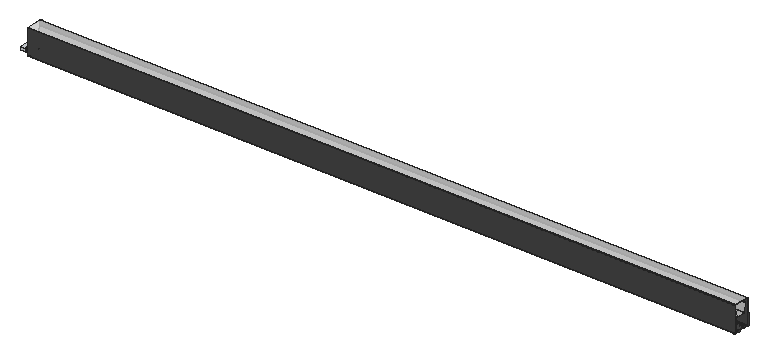
Revit family "2071583", category Lighting Fixtures, host Face, Revit 2022
Family settings
  Host = Face
  Round Connector Dimension = Use Diameter
  Part Type = Normal
  OmniClass Number = 23.80.70.00
  OmniClass Title = Lighting
  Cut with Voids When Loaded = No
  Light Source = Yes
  Maintain Annotation Orientation = No
  Shared = No
  Room Calculation Point = No
Parameters (values of type "MC2 2.4M 4K DALI BLK OPAL")
  Weight = "5.0 kg"
  Wattage Comments = ""
  Wattage = 36 W
  WarrantyStartDate [instance] = "n/a"
  WarrantyGuarantorParts = "n/a"
  WarrantyDurationUnit = "Years"
  WarrantyDurationParts = "5"
  WarrantyDescription = "http://www.sylvania-group.com"
  built-in parameter 1150110 = 1 (stored number, unit not read)
  Voltage = 230 V
  URL = "http://www.sylvania-group.com"
  TypeName = "Mini Continuum II - Direct - Trimless"
  Type Image = <None>
  Type Comments = "n/a"
  built-in parameter 1114217 = 1 (stored number, unit not read)
  Tilt Angle = -90.00°
  built-in parameter 1150109 = 1 (stored number, unit not read)
  built-in parameter 1150134 = 12
  built-in parameter 1150113 = 1 (stored number, unit not read)
  SerialNumber [instance] = "n/a"
  Photometric Web File = "2071583.IES"
  Material_3_SYL = Metal_Sylvania_Mini Contiuum II_Silver
  PowerFactor = 0.98
  PowerConsumption = "36 W"
  NominalLength = 2400 mm
  NominalHeight = 86 mm
  NominalDepth = 54 mm
  Name = "MC2 2.4M 4K DALI BLK OPAL"
  ModelReference = Name  # "MC2 2.4M 4K DALI BLK OPAL"
  ModelNumber = "2071583"
  Model = Name  # "MC2 2.4M 4K DALI BLK OPAL"
  Material = "Aluminium"
  ManufacturerName = Manufacturer  # "Feilo Sylvania"
  Manufacturer = "Feilo Sylvania"
  LuminousEfficacy = "133 lm/W"
  built-in parameter 1150105 = 2170.9 (stored number, unit not read)
  Lumens = 4788 lm
  LuminaireType = "Ceiling recessed mounting"
  built-in parameter 1150115 = 1 (stored number, unit not read)
  LightOutputRatio = "100"
  built-in parameter 1150137 = (empty or 0)
  built-in parameter 1150139 = (empty or 0)
  LampsType = Lamp  # "LED"
  LampNominalLuminous = "4800 lm"
  LampMacAdamStep = "3"
  LampColourTemperature = "4000 K"
  LampColourRenderingIndex = "80"
  built-in parameter 1150112 = 1 (stored number, unit not read)
  built-in parameter 1150114 = 1 (stored number, unit not read)
  Lamp = "LED"
  Keynote = "16500"
  InstallationDate [instance] = "n/a"
  InputVoltage = "220-240 V"
  InputNominalFrequency = "50/60Hz"
  built-in parameter 1150132 = (empty or 0)
  built-in parameter 1150102 = (empty or 0)
  built-in parameter 1150107 = 4000 (stored number, unit not read)
  built-in parameter 1150138 = (empty or 0)
  IngressProtection = "IP20"
  ImpactProtectionIndex = "IK03"
  built-in parameter 1150106 = 21.709 (stored number, unit not read)
  IfcExportType = "IfcLightFixtureType"
  IfcExportAs = "IfcLightFixtureType"
  Emit from Rectangle Width = NominalDepth  # 54 mm
  Emit from Rectangle Length = NominalLength  # 2400 mm
  Emit Shape Visible in Rendering = no
  EmergencyLight = no
  ElectricShockClassification = "Class I"
  built-in parameter 1150104 = 12.356 (stored number, unit not read)
  DocumentationLiterature = "https://www.sylvania-lighting.com/product/en-int/products/2071583/"
  DimmingControlOptions = "DALI"
  Material_2_SYL = Polycarbonate_Sylvania_Mini Continuum II_Opal_4000K
  Dimming Lamp Color Temperature Shift = <None>
  Description = "MC2 2.4M 4K DALI BLK OPAL LED luminaire, black RAL9005 finishing, direct distribution, trimless detail for a seamless finish, suitable for recessed, semi-recessed, surface-mounted or suspended installation either horizontally or vertically, various accessories available, compact and minimalist design based on the Golden Mean, ideal for offices, meeting rooms, corridors, education facilities, museums and libraries, extruded aluminium body, diffuser: opal, colour temperature: 4000K neutral white, total system power: 36W, total fixture output: 4800lm, luminaire efficacy: 133lm/W, LOR: 100%, colour rendering: Ra >80, LED Chromacity: 3 step MacAdam ellipse, lifespan: 66,000 hours L90B10, IR/UV free light source without heat radiation, operating voltage: 220-240V / 50-60Hz, drive current: 800mA, electronic driver, DALI dimmable, electrical protection: CLASS I, IP20, suitable for internal environment only."
  Default Elevation = 1219.2 mm
  CreatedOn = "12/08/2024"
  CreatedBy = "petra.pavlicz@sylvania-lighting.com"
  Cost = 0
  Color Filter = 16777215
  built-in parameter 1114216 [instance] = (empty or 0)
  ClassificationValue = "EF_70_80"
  ClassificationName = "Uniclass2015"
  Material_1_SYL = Metal_Sylvania_Mini Continuum II_Black
  BarCode [instance] = "n/a"
  built-in parameter 1114218 = 1 (stored number, unit not read)
  built-in parameter 1150133 = 10 (stored number, unit not read)
  AssetType = "Fixed"
  AssetIdentifier [instance] = "n/a"
  Assembly Code = "D5020200"
  Apparent Load = 36.7 VA
  Material_4_SYL = none
Reference planes
  plane 1 "Center (Front/Back)": y = 0
  plane 2: z = 0
  plane 3 "Center (Left/Right)": x = 0
  plane 4: y = 27
  plane 5: y = -27
  plane 6: x = -1200
  plane 7: x = 1200
  plane 8 "Fixture top": z = -83.5
  plane 9 "Fixture bottom": z = 2.5
  plane 10: z = -10.5
  plane 11: x = 1172
  plane 12: x = -1172
  plane 13: x = 1197
  plane 14: x = -1197
  plane 15 "snap": z = 0
Forms (mm)
  Extrusion 1, solid, material "Polycarbonate_Sylvania_Mini Continuum II_Opal_4000K" <- "Material_2_SYL"
    sketch origin (-4.8, 0, 305.049) x (0, 1, 0) y (0, 0, 1)
      loop
        line (22.233, -315.549) -> (21.206, -315.549) -> (14.206, -345.549) -> (-14.206, -345.549) -> (-21.206, -315.549) -> (-22.233, -315.549) -> (-15, -346.549) -> (15, -346.549) -> (22.233, -315.549)
    from -1192.2 to 1201.8
  Extrusion 2, solid, material "Polycarbonate_Sylvania_Mini Continuum II_Opal_4000K" <- "Material_2_SYL"
    sketch origin (0, 0, -471) x (0, 1, 0) y (0, 0, 1)
      loop
        line (-25, 473.5) -> (-25, 471.5) -> (25, 471.5) -> (25, 473.5) -> (-25, 473.5)
    from -1200 to 1200
  Extrusion 3, solid
    sketch origin (384.076, 1524, 1219.2) x (0, 1, 0) y (0, 0, 1)
      loop
        line (-1514.443, -1281.744) -> (-1547.043, -1281.744) -> (-1547.043, -1296.244) -> (-1514.443, -1296.244) -> (-1514.443, -1281.744)
    from -1594.076 to -1556.076
  Extrusion 4, solid
    sketch origin (319, 1524, 1219.2) x (0, 1, 0) y (0, 0, 1)
      loop
        line (-1514.743, -1284.744) -> (-1546.743, -1284.744) -> (-1546.743, -1296.244) -> (-1514.743, -1296.244) -> (-1514.743, -1284.744)
    from -1547 to -1529
  Extrusion 5, solid, material "Metal_Sylvania_Mini Continuum II_Black", detail levels coarse
    sketch origin (0, 0, 0) x (0, 1, 0) y (0, 0, 1)
      loop
        line (-27, 2.5) -> (-27, -83.5) -> (27, -83.5) -> (27, 2.5) -> (-27, 2.5)
    from -1200 to 1200
  Extrusion 6, solid, material "Metal_Sylvania_Mini Continuum II_Black" <- "Material_1_SYL", detail levels medium+fine
    sketch origin (2400, 0, 0) x (0, 1, 0) y (0, 0, -1)
      loop
        line (-27, -2.5) -> (-25.5, -2.5) -> (-25.5, 80.991)
        arc (-25.5, 80.991) -> (-25.351, 81.351) -> (-24.991, 81.5) r 0.509
        line (-24.991, 81.5) -> (-13.539, 81.5)
        arc (-13.539, 81.5) -> (-13.158, 81.342) -> (-13, 80.961) r 0.539
        line (-13, 80.961) -> (-13, 77.585)
        arc (-13, 77.585) -> (-12.842, 77.202) -> (-12.459, 77.044) r 0.541
        line (-12.459, 77.044) -> (12.459, 77.044)
        arc (12.459, 77.044) -> (12.842, 77.202) -> (13, 77.585) r 0.541
        line (13, 77.585) -> (13, 80.961)
        arc (13, 80.961) -> (13.158, 81.342) -> (13.539, 81.5) r 0.539
        line (13.539, 81.5) -> (24.991, 81.5)
        arc (24.991, 81.5) -> (25.351, 81.351) -> (25.5, 80.991) r 0.509
        line (25.5, 80.991) -> (25.5, -2.5) -> (27, -2.5) -> (27, 83)
        arc (27, 83) -> (26.854, 83.354) -> (26.5, 83.5) r 0.5
        line (26.5, 83.5) -> (11.52, 83.5)
        arc (11.52, 83.5) -> (11.152, 83.348) -> (11, 82.98) r 0.52
        line (11, 82.98) -> (11, 79.574)
        arc (11, 79.574) -> (10.845, 79.199) -> (10.47, 79.044) r 0.53
        line (10.47, 79.044) -> (-10.47, 79.044)
        arc (-10.47, 79.044) -> (-10.845, 79.199) -> (-11, 79.574) r 0.53
        line (-11, 79.574) -> (-11, 82.98)
        arc (-11, 82.98) -> (-11.152, 83.348) -> (-11.52, 83.5) r 0.52
        line (-11.52, 83.5) -> (-26.5, 83.5)
        arc (-26.5, 83.5) -> (-26.854, 83.354) -> (-27, 83) r 0.5
        line (-27, 83) -> (-27, -2.5)
    from 3600 to 1200
Dimensions and locks
  "NominalLength": plane 6 to plane 7
  equal spacing: plane 6, plane 3 "Center (Left/Right)", plane 7
  "NominalHeight": plane 9 "Fixture bottom" to plane 8 "Fixture top"
  equal spacing: plane 4, plane 1 "Center (Front/Back)", plane 5
  locked: imposter light to plane 10 at 13
  locked: plane 6 to plane 12 at 28
  locked: plane 11 to plane 7 at 28
  locked: Extrusion 2 sketch curve to Extrusion 2 sketch curve at 2
  locked: Extrusion 2 sketch curve to Extrusion 2 sketch curve at 50
  locked: plane 13 to plane 7 at 3
  locked: plane 6 to plane 14 at 3
  locked: Extrusion 3 sketch curve to Extrusion 3 sketch curve at 32.6
  locked: Extrusion 3 sketch curve to Extrusion 3 sketch curve at 14.5
  locked: Extrusion 4 sketch curve to Extrusion 4 sketch curve at 32
  Extrusion 4 sketch curve to Extrusion 4 sketch curve = 11.5 mm
  locked: plane 9 "Fixture bottom" to plane 10 at 13
  Extrusion 3 to Extrusion 3 = 38 mm
  locked: Extrusion 4 to Extrusion 4 at 11.5
  locked: Extrusion 3 to Extrusion 3 at 38
  locked: Extrusion 4 to Extrusion 3 at 18
  "NominalDepth": plane 4 to plane 5
  Extrusion 6 to plane 8 "Fixture top" to Extrusion 6 = 0 mm, 2 mm locked  (x2)
  locked: Extrusion 6 to Extrusion 6 at 6.456
  locked: Extrusion 6 to Extrusion 6 at 2  (x2)
  locked: Extrusion 6 to Extrusion 6 at 22
  locked: Extrusion 6 to Extrusion 6 at 1.5  (x2)
  aligned and locked: plane 2 to host face
  aligned and locked: level to host face
  aligned and locked: plane 9 "Fixture bottom" to imposter light
  aligned and locked: plane 10 to Extrusion 1  (x2)
  aligned and locked: plane 7 to Extrusion 2
  aligned and locked: Extrusion 2 to plane 6
  aligned and locked: Extrusion 1 to plane 14
  aligned and locked: Extrusion 1 to plane 13
  aligned and locked: Extrusion 3 to Extrusion 4
  aligned and locked: plane 12 to Extrusion 3
  aligned and locked: plane 5 to Extrusion 5 sketch curve
  aligned and locked: Extrusion 5 sketch curve to plane 4
  aligned and locked: Extrusion 5 sketch curve to imposter light
  aligned and locked: Extrusion 6 to plane 5  (x2)
  aligned and locked: plane 4 to Extrusion 6  (x2)
  aligned and locked: level to plane 15 "snap"
  aligned and locked: plane 9 "Fixture bottom" to Extrusion 2
  aligned and locked: plane 9 "Fixture bottom" to Extrusion 6  (x4)
  aligned and locked: Extrusion 6 to plane 8 "Fixture top"  (x2)
  aligned and locked: Extrusion 5 to plane 5
  aligned and locked: plane 4 to Extrusion 5
  aligned and locked: Extrusion 3 to Extrusion 6
  aligned and locked: Extrusion 6 to imposter light
  aligned and locked: plane 7 to Extrusion 6
  aligned and locked: Extrusion 5 to imposter light
  aligned and locked: plane 7 to Extrusion 5
  aligned and locked: Extrusion 6 to plane 6
  aligned and locked: Extrusion 5 to plane 6
  aligned and locked: Extrusion 5 to plane 8 "Fixture top"
  aligned and locked: Extrusion 6 to Extrusion 2  (x2)
  aligned and locked: plane 9 "Fixture bottom" to Extrusion 5
  aligned and locked: Extrusion 5 to Extrusion 2
Automatic sketch dimensions
  host sketch curve to host sketch curve = 2438.4 mm  (x2)
  Extrusion 1 sketch curve to plane 10 = 0 mm  (x2)
  plane 5 to Extrusion 1 sketch curve = 4.767 mm
  Extrusion 1 sketch curve to Extrusion 1 sketch curve = 1.027 mm  (x2)
  plane 5 to Extrusion 1 sketch curve = 12 mm
  Extrusion 1 sketch curve to Extrusion 1 sketch curve = 0.794 mm  (x2)
  Extrusion 1 sketch curve to plane 4 = 12.794 mm
  Extrusion 1 sketch curve to plane 4 = 5.794 mm
  Extrusion 1 sketch curve to plane 10 = 30 mm
  Extrusion 1 sketch curve to Extrusion 1 sketch curve = 1 mm
  Extrusion 2 sketch curve to plane 9 "Fixture bottom" = 0 mm
  plane 5 to Extrusion 2 sketch curve = 2 mm
  plane 5 to Extrusion 3 sketch curve = 3.957 mm
  plane 8 "Fixture top" to Extrusion 3 sketch curve = 6.456 mm
  plane 5 to Extrusion 4 sketch curve = 4.257 mm
  plane 8 "Fixture top" to Extrusion 4 sketch curve = 6.456 mm
  Extrusion 6 sketch curve to plane 5 = 0 mm
  Extrusion 6 sketch curve to plane 8 "Fixture top" = 0 mm  (x2)
  Extrusion 6 sketch curve to plane 9 "Fixture bottom" = 0 mm  (x2)
  Extrusion 6 sketch curve to plane 4 = 0 mm
  plane 5 to Extrusion 6 sketch curve = 0.5 mm
  plane 5 to Extrusion 6 sketch curve = 1.5 mm
  Extrusion 6 sketch curve to Extrusion 6 sketch curve = 0.509 mm
  plane 8 "Fixture top" to Extrusion 6 sketch curve = 2.539 mm  (x2)
  Extrusion 6 sketch curve to Extrusion 6 sketch curve = 11.451 mm
  Extrusion 6 sketch curve to Extrusion 6 sketch curve = 0.539 mm  (x2)
  Extrusion 6 sketch curve to Extrusion 6 sketch curve = 0.541 mm  (x2)
  Extrusion 6 sketch curve to Extrusion 6 sketch curve = 2.02 mm
  plane 8 "Fixture top" to Extrusion 6 sketch curve = 0.52 mm
  Extrusion 6 sketch curve to Extrusion 6 sketch curve = 0.53 mm  (x2)
  plane 8 "Fixture top" to Extrusion 6 sketch curve = 3.926 mm
  Extrusion 6 sketch curve to plane 1 "Center (Front/Back)" = 10.47 mm
  Extrusion 6 sketch curve to Extrusion 6 sketch curve = 0.52 mm
  Extrusion 6 sketch curve to Extrusion 6 sketch curve = 1.989 mm
  Extrusion 6 sketch curve to plane 4 = 2.009 mm
  Extrusion 6 sketch curve to Extrusion 6 sketch curve = 1.5 mm
  Extrusion 6 sketch curve to plane 4 = 0.5 mm
  Extrusion 6 sketch curve to Extrusion 6 sketch curve = 2 mm
  Extrusion 5 sketch curve to plane 8 "Fixture top" = 0 mm
Connectors
  electrical at (-1228, -6.743, -71.294), driven by "Voltage", driven by "Apparent Load", driven by "PowerFactor"
    settings: on Extrusion 4, index 1, voltage 230 V, apparent load 36.7 VA, apparent load phase1 0 VA, apparent load phase2 0 VA, apparent load phase3 0 VA, power factor 0.98, load classification "Lighting", number of poles 1, system type 30, power factor state 1, is connector primary yes, connector utility no, sub classification motor no, connector description ""
